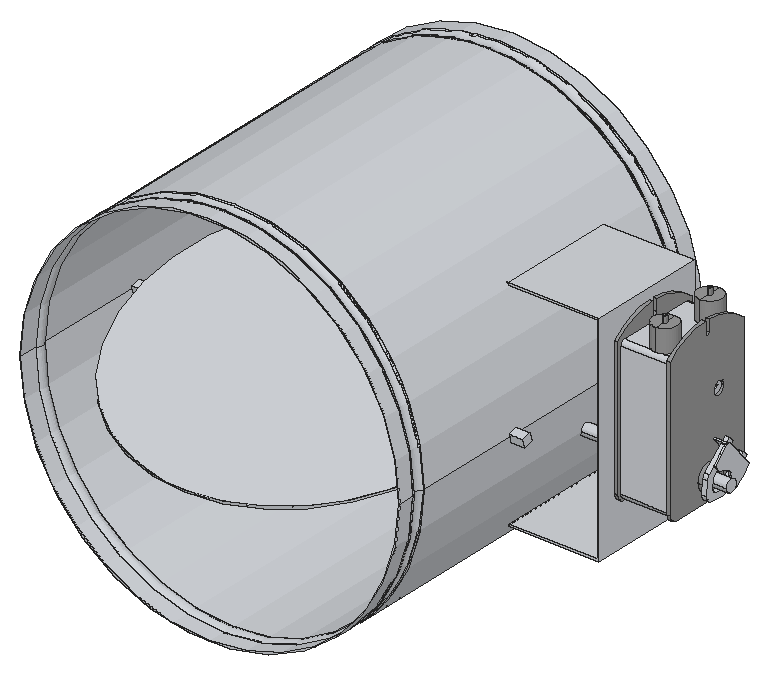
Revit family "FS-RD-I, FS-RD-II", category Mechanical Equipment, Revit 2015
Parameters
  Void Radius [instance] = Radius - 0' 0 5/256"  # 0' - 7 251/256"
  URL = "http://unitedenertech.com/catalog/pdf/P-44%20%20FS-RD-I.pdf-color.pdf"
  Type Comments = "Max. Size is (24\" Diameter)"
  Radius [instance] = 0.5 * Exact Diameter  # 0' - 8"
  Model = "F/S-RD-I, F/S-RD-II"
  Manufacturer = "United Enertech Corporation"
  Keynote = "FSLF-120 Actuator Shown, See Website for Correct Actuator per Damper Size."
  Inner Radius [instance] = Radius - 0' 0 9/256"  # 0' - 7 247/256"
  Exact Diameter = 1' - 4"
  Description = "Combination Fire / Smoke Round Damper"
  Depth = 1' - 4"
  Blade Radius [instance] = Inner Radius - 0' 0 3/8"  # 0' - 7 151/256"
Reference planes (in)
  plane 1 "Center (Front/Back)": y = 0
  plane 2: z = 0
  plane 3 "Center (Left/Right)": x = 0
  plane 4: x = -8
  plane 5: x = 8
  plane 6: y = 16
  plane 7: y = 15
  plane 8: y = 1
  plane 9: x = -8.6
  plane 10: x = -6.1
  plane 11: x = 6.1
  plane 12: x = 8.6
  plane 13: y = 6
  plane 14: y = 10
  plane 15: x = -6.99518
  plane 16: x = 6.99518
  plane 17: x = 14
  plane 18: x = 5.1
  plane 19: x = 4.482
  plane 20: x = 4.35641
  plane 21: x = 4.23141
  plane 22: x = 13
  plane 23: x = 10.4169
  plane 24: y = 12.52698
  plane 25: y = 7.5
Forms (in)
  Extrusion 1, solid
    sketch origin (0, 0, 0) x (1, 0, 0) y (0, 0, 1)
      loop
        circle (0, 0) r 8
      loop
        circle (0, 0) r 7.96484
    from 0 to -16
  Sweep 2, solid
    path origin (0, 1, 0) x (1, 0, 0) y (0, 0, 1)
      loop
        circle (0, 0) r 8
    profile "Bead Sweep : Bead Sweep" origin (0, 1, 8) x (0, 0, -1) y (0, -1, 0)
      loop
        arc (0, -0.279) -> (0.12, 0) -> (0, 0.279) r 0.38434
        line (0, 0.279) -> (0, -0.279)
  Sweep 3, solid
    path origin (0, 15, 0) x (1, 0, 0) y (0, 0, 1)
      loop
        circle (0, 0) r 8
    profile "Bead Sweep : Bead Sweep" origin (0, 15, 8) x (0, 0, -1) y (0, -1, 0)
      loop
        arc (0, -0.279) -> (0.12, 0) -> (0, 0.279) r 0.38434
        line (0, 0.279) -> (0, -0.279)
  Sweep 4, void
    path origin (0, 1, 0) x (1, 0, 0) y (0, 0, 1)
      loop
        circle (0, 0) r 7.98047
    profile "Bead Void Sweep : Bead Void Sweep" origin (0, 1, 7.98047) x (0, 0, -1) y (0, -1, 0)
      loop
        arc (-0.15416, -0.3555) -> (0.0841, 0) -> (-0.15416, 0.3555) r 0.38434
        line (-0.15416, 0.3555) -> (-0.15416, -0.3555)
  Sweep 5, void
    path origin (0, 15, 0) x (1, 0, 0) y (0, 0, 1)
      loop
        circle (0, 0) r 7.98047
    profile "Bead Void Sweep : Bead Void Sweep" origin (0, 15, 7.98047) x (0, 0, -1) y (0, -1, 0)
      loop
        arc (-0.15416, -0.3555) -> (0.0841, 0) -> (-0.15416, 0.3555) r 0.38434
        line (-0.15416, 0.3555) -> (-0.15416, -0.3555)
  Extrusion 6, solid
    sketch origin (0, 4.96472, 4.08249) x (1, 0, 0) y (0, 0.965926, 0.258819)
      loop
        circle (0, 0) r 7.58984
    from -4.01795 to -3.90479
  Extrusion 7, solid
    sketch origin (-15.25, -10.19369, 2.7146) x (0, 0.966915, 0.255099) y (0, -0.255099, 0.966915)
      loop
        line (15.15714, -6.93904) -> (15.15714, -6.56404) -> (14.78214, -6.56404) -> (14.78214, -6.93904) -> (15.15714, -6.93904)
    from 6.65 to 9.15
  Extrusion 8, solid
    sketch origin (11.25, -10.19369, 2.7146) x (0, 0.966915, 0.255099) y (0, -0.255099, 0.966915)
      loop
        line (15.15714, -6.93904) -> (15.15714, -6.56404) -> (14.78214, -6.56404) -> (14.78214, -6.93904) -> (15.15714, -6.93904)
    from -5.15 to -2.65
  Sweep 9, void
    path origin (0, 1, 0) x (1, 0, 0) y (0, 0, 1)
      loop
        circle (0, 0) r 7.98047
    profile "Bead Void Sweep : Bead Void Sweep" origin (0, 1, 7.98047) x (0, 0, -1) y (0, -1, 0)
      loop
        arc (-0.15416, -0.3555) -> (0.0841, 0) -> (-0.15416, 0.3555) r 0.38434
        line (-0.15416, 0.3555) -> (-0.15416, -0.3555)
  Sweep 10, void
    path origin (0, 15, 0) x (1, 0, 0) y (0, 0, 1)
      loop
        circle (0, 0) r 7.98047
    profile "Bead Void Sweep : Bead Void Sweep" origin (0, 15, 7.98047) x (0, 0, -1) y (0, -1, 0)
      loop
        arc (-0.15416, -0.3555) -> (0.0841, 0) -> (-0.15416, 0.3555) r 0.38434
        line (-0.15416, 0.3555) -> (-0.15416, -0.3555)
  Extrusion 11, solid
    sketch origin (0, 0, 0) x (0, 1, 0) y (0, 0, 1)
      loop
        line (6.13645, 0.2343) -> (6.23212, -0.1283) -> (5.86952, -0.22396) -> (5.78165, 0.10397) -> (4.81474, -0.15113) -> (4.8326, -0.21881) -> (5.69035, 0.00749) -> (5.78325, -0.34464) -> (6.37588, -0.18584) -> (6.28444, 0.16074) -> (7.13068, 0.38749) -> (7.10337, 0.4894) -> (6.13645, 0.2343)
    from -6.99518 to 6.99518
  Extrusion 12, solid
    sketch origin (0, 0, 1.5) x (0, 1, 0) y (0, 0, 1)
      loop
        circle (10, -3.06865) r 0.25
    from -8.6 to 14
  Extrusion 13, solid
    sketch origin (-19.09431, 8.56597, 4.3906) x (1, 0, 0) y (0, -0.258819, 0.965926)
      loop
        line (21.57631, -3.38349) -> (21.57631, -3.50849) -> (23.45071, -3.50849) -> (23.45071, -4.13491) -> (23.57631, -4.13491) -> (23.57631, -3.38349) -> (21.57631, -3.38349)
    from 0 to 0.5
  Extrusion 14, solid
    sketch origin (0, 0, 0) x (0, 1, 0) y (0, 0, 1)
      loop
        line (9.09128, 0.38657) -> (12.95114, -2.96875) -> (13.48276, -2.43713) -> (9.58332, 0.9526) -> (9.09128, 0.38657)
    from 4.35641 to 4.23141
  Extrusion 15, solid
    sketch origin (0.00619, 0, -0.00521) x (1, 0, 0) y (0, 0, 1)
      loop
        line (10.4169, -4.59269) -> (10.4169, 4.59269) -> (-0.00619, 4.59269) -> (-0.00619, 4.51799) -> (10.3422, 4.51799) -> (10.3422, -4.51799) -> (-0.00619, -4.51799) -> (-0.00619, -4.59269) -> (10.4169, -4.59269)
    from -12.52698 to -7.5
  Extrusion 16, void
    sketch origin (0, 0, 0) x (1, 0, 0) y (0, 0, 1)
      loop
        circle (0, 0.00749) r 7.96484
    from -12.52698 to -7.5
Cuts and joins
  Sweep 4, Sweep 5, Sweep 9, Sweep 10 cuts Extrusion 1
  Sweep 5, Sweep 9 cuts Sweep 2
  Sweep 10 cuts Sweep 3
  Extrusion 16 cuts Extrusion 15
Dimensions and locks (in)
  equal spacing: plane 4, plane 3 "Center (Left/Right)", plane 5
  "Exact Diameter": plane 4 to plane 5
  plane 6 to plane 1 "Center (Front/Back)" = 1' - 4"
  locked: plane 8 to plane 1 "Center (Front/Back)" at 1
  locked: plane 6 to plane 7 at 1
  locked: plane 9 to plane 4 at 0.6
  locked: plane 4 to plane 10 at 1.9
  locked: plane 11 to plane 5 at 1.9
  locked: plane 5 to plane 12 at 0.6
  locked: plane 13 to plane 1 "Center (Front/Back)" at 6
  locked: plane 6 to plane 14 at 6
  locked: plane 9 to plane 15 at 1.60482
  locked: plane 16 to plane 12 at 1.60482
  locked: plane 5 to plane 17 at 6
  locked: plane 18 to plane 11 at 1
  locked: plane 19 to plane 11 at 1.618
  locked: plane 20 to plane 19 at 0.12559
  locked: plane 21 to plane 20 at 0.125
  locked: plane 22 to plane 17 at 1
  locked: plane 22 to plane 23 at 2.5831
  "Inner Radius": radius of Extrusion 1 sketch curve
  "Radius": radius of Extrusion 1 sketch curve
  "Radius": radius of Sweep 2 sketch curve
  "Radius": radius of Sweep 3 sketch curve
  "Void Radius": radius of Sweep 4 sketch curve
  "Void Radius": radius of Sweep 5 sketch curve
  "Blade Radius": radius of Extrusion 6 sketch curve
  "Void Radius": radius of Sweep 9 sketch curve
  "Void Radius": radius of Sweep 10 sketch curve
  "Inner Radius": radius of Extrusion 16 sketch curve
  aligned and locked: level to plane 2
  aligned and locked: plane 6 to Extrusion 1
  aligned and locked: plane 1 "Center (Front/Back)" to Extrusion 1
  aligned and locked: plane 10 to Extrusion 7
  aligned and locked: plane 9 to Extrusion 7
  aligned and locked: plane 11 to Extrusion 8
  aligned and locked: plane 6 to cut or joined group of Extrusion 1, Sweep 4, Sweep 5, Sweep 9, Sweep 10
  aligned and locked: plane 12 to Extrusion 8
  aligned and locked: plane 15 to Extrusion 11
  aligned and locked: plane 16 to Extrusion 11
  aligned and locked: plane 9 to Extrusion 12
  aligned and locked: plane 17 to Extrusion 12
  aligned and locked: plane 18 to nested 1
  aligned and locked: plane 19 to Extrusion 13
  aligned and locked: plane 20 to Extrusion 14
  aligned and locked: Extrusion 14 to plane 21
  aligned and locked: plane 22 to nested 2
  aligned and locked: plane 3 "Center (Left/Right)" to Extrusion 15 sketch curve
  aligned and locked: Extrusion 15 sketch curve to plane 3 "Center (Left/Right)"
  aligned and locked: plane 25 to Extrusion 15
  aligned and locked: Extrusion 15 to plane 24
  aligned and locked: Extrusion 16 to plane 24
  aligned and locked: Extrusion 16 to plane 25
Automatic sketch dimensions
  Extrusion 7 sketch curve to plane 13 = 0' - 0.13048"
  Extrusion 7 sketch curve to level = 0' - 0.22396"
  Extrusion 7 sketch curve to Extrusion 7 sketch curve = 0' - 0 3/8"  (x2)
  Extrusion 8 sketch curve to plane 13 = 0' - 0.13048"
  Extrusion 8 sketch curve to level = 0' - 0.22396"
  Extrusion 8 sketch curve to Extrusion 8 sketch curve = 0' - 0 3/8"  (x2)
  Extrusion 11 sketch curve to plane 13 = 0' - 0.13048"
  level to Extrusion 11 sketch curve = 0' - 0.10397"
  Extrusion 11 sketch curve to plane 13 = 0' - 0.21835"
  Extrusion 11 sketch curve to level = 0' - 0.21881"
  Extrusion 11 sketch curve to level = 0' - 0.15113"
  plane 13 to Extrusion 11 sketch curve = 0' - 0.13645"
  Extrusion 11 sketch curve to level = 0' - 0.1283"
  plane 13 to Extrusion 11 sketch curve = 0' - 0.23212"
  Extrusion 11 sketch curve to level = 0' - 0.18584"
  Extrusion 11 sketch curve to Extrusion 11 sketch curve = 0' - 0.14376"
  level to Extrusion 11 sketch curve = 0' - 0.4894"
  level to Extrusion 11 sketch curve = 0' - 0.38749"
  Extrusion 11 sketch curve to Extrusion 11 sketch curve = 0' - 0.02731"
  Extrusion 11 sketch curve to Extrusion 11 sketch curve = 0' - 0.08627"
  level to Extrusion 11 sketch curve = 0' - 0.00749"
  Extrusion 11 sketch curve to Extrusion 11 sketch curve = 0' - 0.09131"
  plane 13 to Extrusion 11 sketch curve = 0' - 0.28444"
  Extrusion 11 sketch curve to Extrusion 11 sketch curve = 0' - 0.12068"
  Extrusion 12 sketch curve to plane 14 = 0' - 0"
  Extrusion 12 sketch curve to level = 0' - 1.56865"
  Extrusion 13 sketch curve to plane 17 = 0' - 11.518"
  Extrusion 13 sketch curve to Extrusion 13 sketch curve = 0' - 1.87441"
  Extrusion 13 sketch curve to Extrusion 13 sketch curve = 0' - 0.12559"
  Extrusion 13 sketch curve to Extrusion 13 sketch curve = 0' - 0.62642"
  Extrusion 13 sketch curve to Extrusion 13 sketch curve = 0' - 0 1/8"
  Extrusion 14 sketch curve to plane 14 = 0' - 0.41668"
  level to Extrusion 14 sketch curve = 0' - 0.38657"
  Extrusion 14 sketch curve to Extrusion 14 sketch curve = 0' - 0.56603"
  Extrusion 14 sketch curve to Extrusion 14 sketch curve = 0' - 0.53163"
  plane 7 to Extrusion 14 sketch curve = 0' - 1.51724"
  Extrusion 14 sketch curve to Extrusion 14 sketch curve = 0' - 0.49204"
  Extrusion 15 sketch curve to plane 23 = 0' - 0.06851"
  plane 23 to Extrusion 15 sketch curve = 0' - 0.00619"
  Extrusion 15 sketch curve to level = 0' - 4.5979"
  Extrusion 15 sketch curve to Extrusion 15 sketch curve = 0' - 0.0747"  (x2)
  level to Extrusion 15 sketch curve = 0' - 4.51278"
  Extrusion 1 sketch curve to Extrusion 1 sketch curve = 0' - 0"  (x2)
  Extrusion 1 sketch curve to level = 0' - 0"
  Extrusion 1 sketch curve to plane 3 "Center (Left/Right)" = 0' - 0"
  Sweep 2 sketch curve to level = 0' - 0"
  Sweep 2 sketch curve to plane 3 "Center (Left/Right)" = 0' - 0"
  Sweep 3 sketch curve to level = 0' - 0"
  Sweep 3 sketch curve to plane 3 "Center (Left/Right)" = 0' - 0"
  Sweep 4 sketch curve to level = 0' - 0"
  Sweep 4 sketch curve to plane 3 "Center (Left/Right)" = 0' - 0"
  Sweep 5 sketch curve to level = 0' - 0"
  Sweep 5 sketch curve to plane 3 "Center (Left/Right)" = 0' - 0"
  Extrusion 6 sketch curve to plane 3 "Center (Left/Right)" = 0' - 0"
  Sweep 9 sketch curve to level = 0' - 0"
  Sweep 9 sketch curve to plane 3 "Center (Left/Right)" = 0' - 0"
  Sweep 10 sketch curve to level = 0' - 0"
  Sweep 10 sketch curve to plane 3 "Center (Left/Right)" = 0' - 0"
  Extrusion 16 sketch curve to plane 3 "Center (Left/Right)" = 0' - 0"
  level to Extrusion 16 sketch curve = 0' - 0.00749"
  radius of Extrusion 12 sketch curve = 0' - 0 1/4"
Nested families (in)
  nested 1: "Crank Arm" at (1.32925, 19.17236, -2.95025) x (0, 0.9703, -0.2419) z (0, -0.2419, -0.9703), type "Crank Arm"
  nested 2: "FSLF-120" at (12.8558, 15.18836, 5.68955) x (-1, 0, 0) z (0, 0, -1), type "FSLF-120"
Definition of nested family "Crank Arm"
  Reference planes (in)
    plane 1 "Center (Front/Back)": y = 0
    plane 2: z = 0
    plane 3 "Center (Left/Right)": x = 0
  Forms (in)
    Extrusion 1, solid
      sketch origin (0, 0, 0) x (1, 0, 0) y (0, 1, 0)
        loop
          line (-9.94649, 3.15275) -> (-3.84949, 3.15275) -> (-3.84949, 3.27775) -> (-9.94649, 3.27775)
          arc (-9.94649, 3.27775) -> (-10.13049, 3.46175) -> (-9.94649, 3.64575) r 0.184
          line (-9.94649, 3.64575) -> (-8.25549, 3.64575) -> (-8.25549, 3.77075) -> (-9.94649, 3.77075)
          arc (-9.94649, 3.77075) -> (-10.25549, 3.46175) -> (-9.94649, 3.15275) r 0.309
      from 0 to 1.75
    Extrusion 2, void
      sketch origin (-3.14958, 0, -6.55057) x (1, 0, 0) y (0, 0, 1)
        loop
          line (-5.98091, 6.55057) -> (-5.98091, 5.17557)
          arc (-5.98091, 5.17557) -> (-3.73091, 7.42557) -> (-5.98091, 9.67557) r 2.25
          line (-5.98091, 9.67557) -> (-5.98091, 8.30057)
          arc (-5.98091, 8.30057) -> (-5.10591, 7.42557) -> (-5.98091, 6.55057) r 0.875
      from -4.01947 to -3.44824
    Extrusion 3, void
      sketch origin (1.25642, 0, -6.55057) x (1, 0, 0) y (0, 0, 1)
        loop
          line (-5.98091, 6.55057) -> (-5.98091, 5.17557)
          arc (-5.98091, 5.17557) -> (-3.73091, 7.42557) -> (-5.98091, 9.67557) r 2.25
          line (-5.98091, 9.67557) -> (-5.98091, 8.30057)
          arc (-5.98091, 8.30057) -> (-5.10591, 7.42557) -> (-5.98091, 6.55057) r 0.875
      from -3.64575 to -2.74172
    Extrusion 4, void
      sketch origin (0, 0, 0) x (1, 0, 0) y (0, 0, 1)
        loop
          arc (-6.59949, 1) -> (-6.72449, 0.875) -> (-6.59949, 0.75) r 0.125
          line (-6.59949, 0.75) -> (-4.84949, 0.75)
          arc (-4.84949, 0.75) -> (-4.72449, 0.875) -> (-4.84949, 1) r 0.125
          line (-4.84949, 1) -> (-6.59949, 1)
      from -3.40991 to -2.96513
    Extrusion 5, void
      sketch origin (-0.25, 0, 0) x (1, 0, 0) y (0, 0, 1)
        loop
          arc (-9.191, 0.75) -> (-8.72449, 0.875) -> (-9.191, 1) r 0.25
          line (-9.191, 1) -> (-10.15948, 1) -> (-10.15948, 0.875) -> (-10.15948, 0.75) -> (-9.191, 0.75)
      from -2.89053 to -3.96908
  Cuts and joins
    Extrusion 2, Extrusion 3, Extrusion 4, Extrusion 5 cuts Extrusion 1
  Dimensions and locks (in)
    aligned and locked: level to plane 2
Definition of nested family "FSLF-120"
  Reference planes (in)
    plane 1 "Center (Front/Back)": y = 0
    plane 2: z = 0
    plane 3 "Center (Left/Right)": x = 0
  Forms (in)
    Extrusion 1, solid
      sketch origin (0, 0, 0) x (0, 1, 0) y (0, 0, 1)
        loop
          arc (-3.58331, 2.09938) -> (-3.44059, 2.1585) -> (-3.38147, 2.30122) r 0.20184
          line (-3.38147, 2.30122) -> (-3.38147, 7.89928)
          arc (-3.38147, 7.89928) -> (-3.44059, 8.042) -> (-3.58331, 8.10111) r 0.20184
          line (-3.58331, 8.10111) -> (-6.82752, 8.10111)
          arc (-6.82752, 8.10111) -> (-6.97024, 8.042) -> (-7.02936, 7.89928) r 0.20184
          line (-7.02936, 7.89928) -> (-7.02936, 2.30122)
          arc (-7.02936, 2.30122) -> (-6.97024, 2.1585) -> (-6.82752, 2.09938) r 0.20184
          line (-6.82752, 2.09938) -> (-3.58331, 2.09938)
        loop
          circle (-4.59401, 4.1698) r 0.10344
        loop
          circle (-5.18836, 7.24712) r 0.27109
      from 0 to 2.0647
    Extrusion 2, solid
      sketch origin (0, 0, 0) x (0, 1, 0) y (0, 0, 1)
        loop
          line (-5.07889, 1.84303) -> (-5.07889, 1.35428)
          arc (-5.07889, 1.35428) -> (-4.1161, 1.55637) -> (-3.27519, 2.06694) r 2.91799
          line (-3.27519, 2.06694) -> (-3.27519, 7.89928)
          arc (-3.27519, 7.89928) -> (-3.36543, 8.11715) -> (-3.58331, 8.2074) r 0.30812
          line (-3.58331, 8.2074) -> (-6.82752, 8.2074)
          arc (-6.82752, 8.2074) -> (-7.0454, 8.11715) -> (-7.13564, 7.89928) r 0.30812
          line (-7.13564, 7.89928) -> (-7.13564, 2.09702)
          arc (-7.13564, 2.09702) -> (-6.28174, 1.56481) -> (-5.29782, 1.35428) r 2.91799
          line (-5.29782, 1.35428) -> (-5.29782, 1.84303)
          arc (-5.29782, 1.84303) -> (-5.18836, 1.95249) -> (-5.07889, 1.84303) r 0.10947
        loop
          circle (-4.59401, 4.1698) r 0.28363
        loop
          circle (-5.18836, 7.24712) r 0.27109
      from 0 to -0.1442
    Extrusion 3, solid
      sketch origin (0, 0, 0) x (0, 1, 0) y (0, 0, 1)
        loop
          line (-5.07889, 1.84303) -> (-5.07889, 1.35428)
          arc (-5.07889, 1.35428) -> (-4.1161, 1.55637) -> (-3.27519, 2.06694) r 2.91799
          line (-3.27519, 2.06694) -> (-3.27519, 7.89928)
          arc (-3.27519, 7.89928) -> (-3.36543, 8.11715) -> (-3.58331, 8.2074) r 0.30812
          line (-3.58331, 8.2074) -> (-6.82752, 8.2074)
          arc (-6.82752, 8.2074) -> (-7.0454, 8.11715) -> (-7.13564, 7.89928) r 0.30812
          line (-7.13564, 7.89928) -> (-7.13564, 2.09702)
          arc (-7.13564, 2.09702) -> (-6.28174, 1.56481) -> (-5.29782, 1.35428) r 2.91799
          line (-5.29782, 1.35428) -> (-5.29782, 1.84303)
          arc (-5.29782, 1.84303) -> (-5.18836, 1.95249) -> (-5.07889, 1.84303) r 0.10947
        loop
          circle (-4.59401, 4.1698) r 0.28363
        loop
          circle (-5.18836, 7.24712) r 0.27109
      from 2.2089 to 2.0647
    Revolve 4, solid
      sketch origin (0.70002, 0, 0) x (0, 1, 0) y (0, 0, 1)
        loop
          line (-4.0031, 0.95098) -> (-3.92703, 0.95098) -> (-3.92703, 1.1774) -> (-3.48966, 1.1774) -> (-3.48966, 2.15927) -> (-4.0031, 2.15927) -> (-4.0031, 0.95098)
        axis (-4.0031, 0.95098) -> (-4.0031, 2.15927)
      angle from 0 to 360
    Revolve 5, solid
      sketch origin (0.70002, -10.37672, 0) x (0, -1, 0) y (0, 0, -1)
        loop
          line (-4.0031, -0.95098) -> (-4.0031, -2.15927) -> (-3.48966, -2.15927) -> (-3.48966, -1.1774) -> (-3.92703, -1.1774) -> (-3.92703, -0.95098) -> (-4.0031, -0.95098)
        axis (-4.0031, -0.95098) -> (-4.0031, -2.15927)
      angle from 0 to 360
    Extrusion 6, solid
      sketch origin (0, 0, 0) x (0, 1, 0) y (0, 0, 1)
        loop
          circle (-5.18836, 7.24712) r 0.54048
        loop
          circle (-5.18836, 7.24712) r 0.27109
      from 2.4389 to -0.3742
    Extrusion 7, solid
      sketch origin (0, 0, 0) x (0, 1, 0) y (0, 0, 1)
        loop
          line (-3.91306, 6.71864) -> (-3.7518, 6.90501) -> (-4.82025, 7.82944)
          arc (-4.82025, 7.82944) -> (-4.90724, 7.87836) -> (-5.00644, 7.88936) r 0.25
          line (-5.00644, 7.88936) -> (-5.62705, 7.83298)
          arc (-5.62705, 7.83298) -> (-5.79594, 7.74469) -> (-5.85355, 7.56303) r 0.25
          line (-5.85355, 7.56303) -> (-5.80333, 6.9664)
          arc (-5.80333, 6.9664) -> (-5.77611, 6.8722) -> (-5.71475, 6.79572) r 0.25
          line (-5.71475, 6.79572) -> (-4.62328, 5.88139) -> (-4.46502, 6.07031) -> (-5.47779, 6.9187)
          arc (-5.47779, 6.9187) -> (-5.53914, 6.99518) -> (-5.56637, 7.08938) r 0.25
          line (-5.56637, 7.08938) -> (-5.58744, 7.33975)
          arc (-5.58744, 7.33975) -> (-5.52983, 7.52141) -> (-5.36094, 7.60969) r 0.25
          line (-5.36094, 7.60969) -> (-5.08847, 7.63444)
          arc (-5.08847, 7.63444) -> (-4.98927, 7.62345) -> (-4.90228, 7.57453) r 0.25
          line (-4.90228, 7.57453) -> (-3.91306, 6.71864)
      from -0.45408 to -0.64826
    Extrusion 8, solid
      sketch origin (0, 0, 0) x (0, 1, 0) y (0, 0, 1)
        loop
          line (-4.84561, 5.92964) -> (-3.84342, 7.12404) -> (-3.96137, 7.30719) -> (-4.09731, 7.46769)
          arc (-4.09731, 7.46769) -> (-4.29911, 7.57665) -> (-4.45285, 7.74683) r 0.67563
          arc (-4.45285, 7.74683) -> (-4.52455, 7.65639) -> (-4.6158, 7.58572) r 0.47899
          line (-4.6158, 7.58572) -> (-4.72882, 7.47247)
          arc (-4.72882, 7.47247) -> (-4.85345, 6.98422) -> (-5.32567, 6.80835) r 0.54335
          line (-5.32567, 6.80835) -> (-5.42625, 6.68392)
          arc (-5.42625, 6.68392) -> (-5.48681, 6.58567) -> (-5.56911, 6.50475) r 0.47899
          arc (-5.56911, 6.50475) -> (-5.38353, 6.37) -> (-5.25372, 6.18093) r 0.67563
          line (-5.25372, 6.18093) -> (-5.03529, 5.99894) -> (-4.84561, 5.92964)
      from -0.78829 to -0.7065
    Extrusion 9, solid
      sketch origin (0, 0, 0) x (0, 1, 0) y (0, 0, 1)
        loop
          line (-4.84561, 5.92964) -> (-3.84342, 7.12404) -> (-3.87926, 7.17969) -> (-4.90878, 5.95271) -> (-4.84561, 5.92964)
      from -0.7065 to -0.1442
  Lines and regions (in)
    model lines
      curve 1: arc (0, -4.09731, 7.46769) -> (0, -4.29911, 7.57665) -> (0, -4.45285, 7.74683) r 0.67563
      curve 2: arc (0, -4.45285, 7.74683) -> (0, -4.52455, 7.65639) -> (0, -4.6158, 7.58572) r 0.47899
      curve 3: arc (0, -5.56911, 6.50475) -> (0, -5.38353, 6.37) -> (0, -5.25372, 6.18093) r 0.67563
      curve 4: arc (0, -5.42625, 6.68392) -> (0, -5.48681, 6.58567) -> (0, -5.56911, 6.50475) r 0.47899
      curve 5: arc (0, -4.72882, 7.47247) -> (0, -4.85345, 6.98422) -> (0, -5.32567, 6.80835) r 0.54335
      curve 6: arc (0, -5.08847, 7.63444) -> (0, -4.98927, 7.62345) -> (0, -4.90228, 7.57453) r 0.25
      curve 7: arc (0, -5.00644, 7.88936) -> (0, -4.90724, 7.87836) -> (0, -4.82025, 7.82944) r 0.25
      curve 8: arc (0, -5.47779, 6.9187) -> (0, -5.53914, 6.99518) -> (0, -5.56637, 7.08938) r 0.25
      curve 9: arc (0, -5.58744, 7.33975) -> (0, -5.52983, 7.52141) -> (0, -5.36094, 7.60969) r 0.25
      curve 10: line (0, -4.72882, 7.47247) -> (0, -4.6158, 7.58572)
      curve 11: line (0, -5.25372, 6.18093) -> (0, -5.03529, 5.99894)
      curve 12: line (0, -5.03529, 5.99894) -> (0, -3.96137, 7.30719)
      curve 13: line (0, -3.96137, 7.30719) -> (0, -4.09731, 7.46769)
      curve 14: line (0, -5.16521, 6.11335) -> (0, -4.05485, 7.41756)
      curve 15: line (0, -4.98938, 6.05486) -> (0, -4.84561, 5.92964)
      curve 16: line (0, -4.84561, 5.92964) -> (0, -3.84342, 7.12404)
      curve 17: line (0, -3.84342, 7.12404) -> (0, -3.9942, 7.26719)
      curve 18: line (0, -5.47779, 6.9187) -> (0, -4.46502, 6.07031)
      curve 19: line (0, -4.46502, 6.07031) -> (0, -4.62328, 5.88139)
      curve 20: line (0, -4.62328, 5.88139) -> (0, -5.71475, 6.79572)
      curve 21: line (0, -5.32567, 6.80835) -> (0, -5.42625, 6.68392)
      curve 22: line (0, -4.90228, 7.57453) -> (0, -3.91306, 6.71864)
      curve 23: line (0, -3.91306, 6.71864) -> (0, -3.7518, 6.90501)
      curve 24: line (0, -3.7518, 6.90501) -> (0, -4.82025, 7.82944)
      curve 25: line (0, -5.08847, 7.63444) -> (0, -5.36094, 7.60969)
      curve 26: line (0, -5.00644, 7.88936) -> (0, -5.62705, 7.83298)
      curve 27: line (0, -5.56637, 7.08938) -> (0, -5.58744, 7.33975)
      curve 28: line (0, -5.80333, 6.9664) -> (0, -5.85355, 7.56303)
      curve 29: arc (0, -5.71475, 6.79572) -> (0, -5.77611, 6.8722) -> (0, -5.80333, 6.9664) r 0.25
      curve 30: arc (0, -5.85355, 7.56303) -> (0, -5.79594, 7.74469) -> (0, -5.62705, 7.83298) r 0.25
      curve 31: circle (0, -4.59401, 4.1698) r 0.10344 normal (-1, 0, 0)
      curve 32: arc (0, -7.02936, 7.89928) -> (0, -6.97024, 8.042) -> (0, -6.82752, 8.10111) r 0.20184
      curve 33: arc (0, -3.58331, 8.10111) -> (0, -3.44059, 8.042) -> (0, -3.38147, 7.89928) r 0.20184
      curve 34: circle (0, -5.18836, 7.24712) r 0.27109 normal (-1, 0, 0)
      curve 35: circle (0, -5.18836, 7.24712) r 0.54048 normal (-1, 0, 0)
      curve 36: line (0, -6.82752, 8.10111) -> (0, -3.58331, 8.10111)
      curve 37: line (0, -7.02936, 7.89928) -> (0, -7.02936, 2.30122)
      curve 38: line (0, -3.38147, 2.30122) -> (0, -3.38147, 7.89928)
      curve 39: circle (0, -4.59401, 4.1698) r 0.28363 normal (-1, 0, 0)
      curve 40: arc (0, -7.13564, 7.89928) -> (0, -7.0454, 8.11715) -> (0, -6.82752, 8.2074) r 0.30812
      curve 41: arc (0, -3.58331, 8.2074) -> (0, -3.36543, 8.11715) -> (0, -3.27519, 7.89928) r 0.30812
      curve 42: line (0, -7.13564, 2.09702) -> (0, -7.13564, 7.89928)
      curve 43: line (0, -6.82752, 8.2074) -> (0, -3.58331, 8.2074)
      curve 44: line (0, -3.27519, 2.06694) -> (0, -3.27519, 7.89928)
  Dimensions and locks (in)
    aligned and locked: level to plane 2
